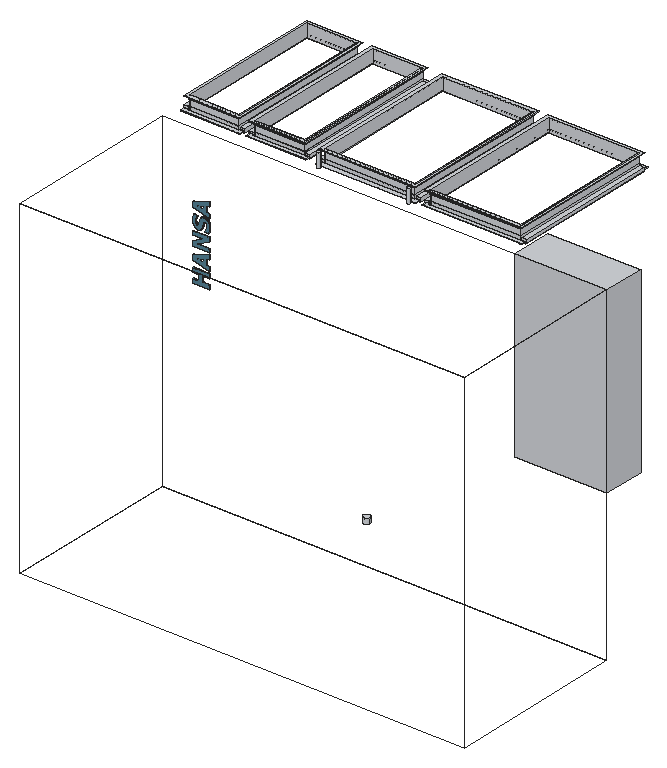
Revit family "KL-P-034-iK-G-L", category HLS-Bauteile, Revit 2020
Family settings
  Bemaßung runder Anschluss = Durchmesser verwenden
  Klassifizierung = Keine
  Teiletyp = Normal
  Arbeitsebenenbasiert = Nein
  Immer vertikal = Ja
  Beim Laden mit Abzugskörper schneiden = Nein
  Gemeinsam genutzt = Nein
  Raumberechnungspunkt = Nein
Parameters
  Zuluftbreite [instance] = 545 mm  # constant formula
  Vorgabe-Ansicht = 0 mm
  TyS [instance] = size_lookup("TyS_Hansa_KL_P", "", "ND", RLT_Serie, Gehaeuserichtung, Gehaeuseausfuehrung, RLT_MSR_KZ)  # "KL-P-034-iK-G-L-eCS"
  Schaltschrankbreite [instance] = 560 mm
  Schaltschrank_montiert [instance] = yes
  SSaG [instance] = and(or(Regelung SAIA, Regelung OJ), Schaltschrank_montiert)  # yes
  Regelung SAIA [instance] = yes
  Regelung OJ [instance] = no
  RLT_Volumenstrom_max = 3400 m³/h  # constant formula
  RLT_Volumenstrom_Unit_2 [instance] = 3400 m³/h
  RLT_Volumenstrom_Unit_1 [instance] = 3400 m³/h
  RLT_Typenschlüssel [instance] = TyS  # "KL-P-034-iK-G-L-eCS"
  RLT_Serie = "KL-P-034-iK"  # constant formula
  RLT_Material_außen [instance] = Stahlblech verzinkt + RAL 9002
  RLT_MSR_KZ [instance] = if(Regelung SAIA, "eCS", if(Regelung OJ, "eCO", "-"))  # "eCS"
  RLT_Länge [instance] = L  # 2130 mm
  RLT_Höhe = H  # 1890 mm
  RLT_Gewicht [instance] = size_lookup("TD_Hansa_KL_P", "Gewicht", 0 mm, TyS) / 1 mm * 1.00 kg  # 0.00 kg
  RLT_Breite = B  # 1080 mm
  Modell = "KL-P-034-iK-G-L"  # constant formula
  L2 = 1310 mm  # constant formula
  L1 = 820 mm  # constant formula
  L = L1 + L2  # 2130 mm
  Kanaltiefe [instance] = RLT_Breite - 190 mm  # 890 mm
  Hersteller = "Hansa"  # constant formula
  H = 1890 mm  # constant formula
  GeräteOK [instance] = H + Fuß  # 2010 mm
  Gehaeuserichtung [instance] = "L"  # constant formula
  Gehaeuseausfuehrung [instance] = "geteilt"  # constant formula
  GD_Spannung [instance] = 230 V
  GD_Phasen [instance] = 1
  GD_Nennstrom [instance] = 0 A
  GD_Anschlussleistung [instance] = 0 W
  Fuß [instance] = 120 mm  # constant formula
  Fortluftbreite = 300 mm  # constant formula
  Bedienzone [instance] = yes
  Baugruppe [instance] = "RLT-Gerät"  # constant formula
  BZl [instance] = if(and(or(Regelung SAIA, Regelung OJ), Schaltschrank_montiert), L + Schaltschrankbreite, L)  # 2690 mm
  B = 1080 mm  # constant formula
  Außenluftbreite = 300 mm  # constant formula
  Abluftbreite [instance] = 545 mm  # constant formula
Reference planes
  plane 1 "Mitte (Vorne/hinten)": y = 0
  plane 2: z = 0
  plane 3 "Mitte (Links/rechts)": x = 0
  plane 4: x = -1065
  plane 5: x = 1065
  plane 6 "GV": y = -540
  plane 7 "GH": y = 540
  plane 8 "OKG": z = 2010
  plane 9: y = 477.5
  plane 10: y = -312.5
  plane 11: x = -1002.5
  plane 12: x = 1002.5
  plane 13: x = -702.5
  plane 14: x = -607.5
  plane 15: x = -307.5
  plane 16: x = 457.5
  plane 17: x = 362.5
  plane 18: x = -182.5
  plane 19: z = 2090
  plane 20 "UKG": z = 120
  plane 21: y = -290
  plane 22: y = -330
  plane 23: z = 90
  plane 24: y = -464
  plane 25: x = -245
  plane 26: y = -1620
  plane 27: x = 1625
Forms (mm)
  Extrusion 1, solid, visible <- "SSaG"
    sketch origin (-61.559, 0, -70) x (1, 0, 0) y (0, 0, 1)
      loop
        line (1126.559, 2080) -> (1126.559, 980) -> (1686.559, 980) -> (1686.559, 2080) -> (1126.559, 2080)
    from 540 to 290
  Extrusion 2, solid
    sketch origin (0, 0, 0) x (1, 0, 0) y (0, 1, 0)
      loop
        circle (0, -330) r 20
    from 120 to 90
  Extrusion 3, solid
    sketch origin (0, 0, 0) x (1, 0, 0) y (0, 1, 0)
      loop
        circle (-182.5, -464) r 10
      loop
        circle (362.5, -464) r 10
    from 2090 to 2010
  Extrusion 4, solid, material "Glas - klar", visible <- "Bedienzone"
    sketch origin (0, 0, 0) x (1, 0, 0) y (0, 1, 0)
      loop
        line (-1065, -540) -> (-1065, -1620) -> (1625, -1620) -> (1625, -540) -> (-1065, -540)
    from 2010 to 0
Dimensions and locks
  equal spacing: plane 4, plane 3 "Mitte (Links/rechts)", plane 5
  "L": plane 4 to plane 5
  "B": plane 7 "GH" to plane 6 "GV"
  locked: plane 7 "GH" to plane 9 at 62.5
  locked: plane 4 to plane 11 at 62.5
  locked: plane 12 to plane 5 at 62.5
  "Fortluftbreite": plane 11 to plane 13
  locked: plane 13 to plane 14 at 95
  "Außenluftbreite": plane 14 to plane 15
  "Abluftbreite": plane 16 to plane 12
  locked: plane 17 to plane 16 at 95
  "Zuluftbreite": plane 18 to plane 17
  plane 15 to plane 18 = 125 mm
  locked: nested 3 to plane 16 at 95
  "Fuß": plane 20 "UKG" to level
  plane 19 to plane 8 "OKG" = 80 mm
  locked: plane 4 to nested 1 at 62.5
  locked: plane 13 to nested 2 at 95
  locked: nested 4 to plane 5 at 62.5
  Extrusion 1 to plane 5 = 560 mm
  "RLT_Höhe": plane 8 "OKG" to plane 20 "UKG"
  equal spacing: plane 7 "GH", plane 1 "Mitte (Vorne/hinten)", plane 6 "GV"
  locked: plane 6 "GV" to plane 21 at 250
  locked: plane 6 "GV" to plane 22 at 210
  plane 20 "UKG" to plane 23 = 30 mm
  locked: plane 24 to plane 6 "GV" at 76
  "L1": plane 4 to plane 25
  "B": plane 26 to plane 6 "GV"
  "BZl": Extrusion 4 to Extrusion 4
  "Schaltschrankbreite": plane 5 to plane 27
  aligned and locked: level to plane 2
  aligned and locked: Extrusion 1 to plane 8 "OKG"
  aligned and locked: plane 6 "GV" to Extrusion 1
  aligned and locked: Extrusion 1 to plane 21
  aligned and locked: plane 20 "UKG" to Extrusion 2
  aligned and locked: Extrusion 2 to plane 23
  aligned and locked: Extrusion 3 to plane 8 "OKG"
  aligned and locked: plane 19 to Extrusion 3
  aligned and locked: plane 4 to Extrusion 4
  aligned and locked: Extrusion 4 to plane 6 "GV"
  aligned and locked: Extrusion 4 to plane 26
  aligned and locked: plane 8 "OKG" to Extrusion 4
  aligned and locked: Extrusion 1 to plane 27
  aligned and locked: Extrusion 1 to plane 5
  aligned and locked: plane 7 "GH" to nested 6
  aligned and locked: plane 4 to nested 6
Automatic sketch dimensions
  plane 5 to Extrusion 1 sketch curve = 0 mm
  Extrusion 1 sketch curve to plane 8 "OKG" = 0 mm
  plane 5 to Extrusion 1 sketch curve = 560 mm
  plane 20 "UKG" to Extrusion 1 sketch curve = 790 mm
  Extrusion 2 sketch curve to plane 3 "Mitte (Links/rechts)" = 0 mm
  Extrusion 2 sketch curve to plane 22 = 0 mm
  Extrusion 3 sketch curve to plane 18 = 0 mm
  Extrusion 3 sketch curve to plane 17 = 0 mm
  Extrusion 3 sketch curve to plane 24 = 0 mm  (x2)
  Extrusion 4 sketch curve to plane 4 = 0 mm
  plane 5 to Extrusion 4 sketch curve = 560 mm
  Extrusion 4 sketch curve to plane 26 = 0 mm
  plane 6 "GV" to Extrusion 4 sketch curve = 0 mm
  radius of Extrusion 2 sketch curve = 20 mm
  radius of Extrusion 3 sketch curve = 10 mm  (x2)
Nested families
  nested 1: "Kanalstutzen" at (-852.5, 29.209, 2010) x (1, 0, 0) z (0, -1, 0), 2570_EST_Breite <- "Fortluftbreite", 2571_EST_Höhe <- "Kanaltiefe", built-in parameter 1001360 <- "GeräteOK", type "Kanalstutzen"
    with Tiefe 80 mm, RahmenG2 20 mm, RahmenG1 30 mm, Höhe 890 mm, Breite 300 mm, 2572_EST_Tiefe 80 mm, 2571_EST_Höhe 890 mm, 2570_EST_Breite 300 mm, 1966_EST_Rahmentyp ""
  nested 2: "Kanalstutzen" at (-457.5, 29.209, 2010) x (1, 0, 0) z (0, -1, 0), 2570_EST_Breite <- "Außenluftbreite", 2571_EST_Höhe <- "Kanaltiefe", built-in parameter 1001360 <- "GeräteOK", type "Kanalstutzen"
    with Tiefe 80 mm, RahmenG2 20 mm, RahmenG1 30 mm, Höhe 890 mm, Breite 300 mm, 2572_EST_Tiefe 80 mm, 2571_EST_Höhe 890 mm, 2570_EST_Breite 300 mm, 1966_EST_Rahmentyp ""
  nested 3: "Kanalstutzen" at (90, 29.209, 2010) x (1, 0, 0) z (0, -1, 0), 2570_EST_Breite <- "Zuluftbreite", 2571_EST_Höhe <- "Kanaltiefe", built-in parameter 1001360 <- "GeräteOK", type "Kanalstutzen"
    with Tiefe 80 mm, RahmenG2 20 mm, RahmenG1 30 mm, Höhe 890 mm, Breite 545 mm, 2572_EST_Tiefe 80 mm, 2571_EST_Höhe 890 mm, 2570_EST_Breite 545 mm, 1966_EST_Rahmentyp ""
  nested 4: "Kanalstutzen" at (730, 29.209, 2010) x (1, 0, 0) z (0, -1, 0), 2570_EST_Breite <- "Abluftbreite", 2571_EST_Höhe <- "Kanaltiefe", built-in parameter 1001360 <- "GeräteOK", type "Kanalstutzen"
    with Tiefe 80 mm, RahmenG2 20 mm, RahmenG1 30 mm, Höhe 890 mm, Breite 545 mm, 2572_EST_Tiefe 80 mm, 2571_EST_Höhe 890 mm, 2570_EST_Breite 545 mm, 1966_EST_Rahmentyp ""
  nested 5: "Hansa_Aufkleber_klein" at (-780, -540, 1390) x (0, 0, 1) z (0, -1, 0), type "Hansa_Aufkleber_klein"
  nested 6: "P-034-G-L_ipt" at (0, 0, 0), type "Norm"
Connectors
  hvac at (-852.5, 29.209, 2089), driven by "RLT_Volumenstrom_Unit_2", driven by "Fortluftbreite", driven by "Kanaltiefe"
    settings: on nested 1, index 1, duct flow 3400 m³/h, flow factor 0, pres drop 0.0 Pa, loss coef 0, conn angle 0.00°, conn width 300 mm, conn height 890 mm, conn diameter 609.6 mm, duct sys type 3, conn prof type 1, flow config 1, flow direction 2, loss method 0, conn ref index -1, conn util no, is conn primary yes, conn desc ""
  hvac at (-457.5, 29.209, 2089), driven by "RLT_Volumenstrom_Unit_1", driven by "Außenluftbreite", driven by "Kanaltiefe"
    settings: on nested 2, index 2, duct flow 3400 m³/h, flow factor 0, pres drop 0.0 Pa, loss coef 0, conn angle 0.00°, conn width 300 mm, conn height 890 mm, conn diameter 609.6 mm, duct sys type 1, conn prof type 1, flow config 1, flow direction 1, loss method 0, conn ref index -1, conn util no, is conn primary no, conn desc ""
  hvac at (90, 29.209, 2089), driven by "RLT_Volumenstrom_Unit_1", driven by "Zuluftbreite", driven by "Kanaltiefe"
    settings: on nested 3, index 3, duct flow 3400 m³/h, flow factor 0, pres drop 0.0 Pa, loss coef 0, conn angle 0.00°, conn width 545 mm, conn height 890 mm, conn diameter 609.6 mm, duct sys type 1, conn prof type 1, flow config 0, flow direction 2, loss method 0, conn ref index -1, conn util no, is conn primary no, conn desc ""
  hvac at (730, 29.209, 2089), driven by "RLT_Volumenstrom_Unit_2", driven by "Abluftbreite", driven by "Kanaltiefe"
    settings: on nested 4, index 4, duct flow 3400 m³/h, flow factor 0, pres drop 0.0 Pa, loss coef 0, conn angle 0.00°, conn width 545 mm, conn height 890 mm, conn diameter 609.6 mm, duct sys type 2, conn prof type 1, flow config 0, flow direction 1, loss method 0, conn ref index -1, conn util no, is conn primary no, conn desc ""
  piping at (0, -330, 90), diameter 40
    settings: on Extrusion 2, index 5, connector inside diameter 609.6 mm, connector length 0 mm, flow factor 0, pipe flow 0.0 L/s, pressure drop 0.0 Pa, fitting loss kfactor 0, connector angle 0.00°, fixture units 0, engagement length 0 mm, angle of deflection 0.00°, flow configuration 0, flow direction 2, fitting loss method 0, system type 16, joint type 0, gender type 0, connector reference index -1, connector utility 0, adjustable connector no, is connector primary yes, connector description ""
  piping at (-182.5, -464, 2090), diameter 20
    settings: on Extrusion 3, index 6, connector inside diameter 609.6 mm, connector length 0 mm, flow factor 0, pipe flow 0.0 L/s, pressure drop 0.0 Pa, fitting loss kfactor 0, connector angle 0.00°, fixture units 0, engagement length 0 mm, angle of deflection 0.00°, flow configuration 0, flow direction 1, fitting loss method 0, system type 7, joint type 0, gender type 0, connector reference index -1, connector utility 0, adjustable connector no, is connector primary no, connector description ""
  piping at (362.5, -464, 2090), diameter 20
    settings: on Extrusion 3, index 7, connector inside diameter 609.6 mm, connector length 0 mm, flow factor 0, pipe flow 0.0 L/s, pressure drop 0.0 Pa, fitting loss kfactor 0, connector angle 0.00°, fixture units 0, engagement length 0 mm, angle of deflection 0.00°, flow configuration 0, flow direction 2, fitting loss method 0, system type 19, joint type 0, gender type 0, connector reference index -1, connector utility 0, adjustable connector no, is connector primary no, connector description ""
Definition of nested family "Kanalstutzen"
  Parameters (values of type "Kanalstutzen")
    Default Elevation = 0 mm
    Tiefe [instance] = [2572_EST_Tiefe]  # 80 mm
    RahmenG2 [instance] = 20 mm
    RahmenG1 [instance] = 30 mm
    Höhe [instance] = [2571_EST_Höhe]  # 500 mm
    Manufacturer = "Hansa"
    Breite [instance] = [2570_EST_Breite]  # 1000 mm
    Description = "Durchbruchsverkleidung"
    2572_EST_Tiefe [instance] = 80 mm
    2571_EST_Höhe [instance] = 500 mm
    2570_EST_Breite [instance] = 1000 mm
    1966_EST_Rahmentyp [instance] = ""
  Reference planes
    plane 1 "Mitte (Vorne/hinten)": y = 0
    plane 2: z = 0
    plane 3 "Mitte (Links/rechts)": x = 0
    plane 4: x = -500
    plane 5: x = 500
    plane 6 "hinten": y = 80
    plane 7: z = 250
    plane 8: z = -250
    plane 9 "R1links": x = -530
    plane 10 "R1rechts": x = 530
    plane 11 "R2links": x = -520
    plane 12 "R2rechts": x = 520
    plane 13 "R1oben": z = 280
    plane 14 "R1unten": z = -280
    plane 15: z = -270
    plane 16: z = 270
  Forms (mm)
    Sweep 1, solid
      path origin (0, 0, 0) x (1, 0, 0) y (0, 0, 1)
        loop
          line (-500, 250) -> (-500, -250) -> (500, -250) -> (500, 250) -> (-500, 250)
      profile origin (0, 0, 250) x (0, 0, 1) y (0, -1, 0)
        loop
          line (0, -40) -> (0, -80) -> (20, -80) -> (20, -79) -> (1.999, -79) -> (1.999, -59) -> (0.962, -59) -> (0.962, -21.406) -> (1.999, -21.406) -> (1.999, -1.406) -> (30, -1.406) -> (30, 0) -> (0, 0) -> (0, -40)
  Dimensions and locks
    equal spacing: plane 4, plane 3 "Mitte (Links/rechts)", plane 5
    "Breite": plane 4 to plane 5
    equal spacing: plane 7, level, plane 8
    "Höhe": plane 7 to plane 8
    "RahmenG1": plane 9 "R1links" to plane 4
    "RahmenG1": plane 5 to plane 10 "R1rechts"
    "RahmenG2": plane 11 "R2links" to plane 4
    "RahmenG2": plane 5 to plane 12 "R2rechts"
    "RahmenG1": plane 13 "R1oben" to plane 7
    "RahmenG1": plane 8 to plane 14 "R1unten"
    "RahmenG2": plane 16 to plane 7
    "RahmenG2": plane 8 to plane 15
    Sweep 1 sketch curve to Sweep 1 sketch curve = 1.406 mm
    Sweep 1 sketch curve to Sweep 1 sketch curve = 1 mm
    Sweep 1 sketch curve to Sweep 1 sketch curve = 0.962 mm
    "2572_EST_Tiefe": plane 6 "hinten" to plane 1 "Mitte (Vorne/hinten)"
    aligned and locked: level to plane 2
    aligned and locked: plane 16 to Sweep 1 sketch curve
    aligned and locked: plane 13 "R1oben" to Sweep 1 sketch curve
    aligned and locked: plane 1 "Mitte (Vorne/hinten)" to Sweep 1
    aligned and locked: plane 1 "Mitte (Vorne/hinten)" to nested 1
    aligned and locked: nested 1 to plane 10 "R1rechts"
    aligned and locked: nested 2 to plane 9 "R1links"
    aligned and locked: plane 8 to nested 2
    aligned and locked: nested 1 to plane 8
  Automatic sketch dimensions
    plane 4 to Sweep 1 sketch curve = 0 mm
    plane 5 to Sweep 1 sketch curve = 0 mm
    Sweep 1 sketch curve to plane 8 = 0 mm
    Sweep 1 sketch curve to plane 7 = 0 mm
    Sweep 1 sketch curve to plane 1 "Mitte (Vorne/hinten)" = 0 mm
    profile plane to Sweep 1 sketch curve = 0 mm
    Sweep 1 sketch curve to profile plane = 1.999 mm  (x2)
    Sweep 1 sketch curve to Sweep 1 sketch curve = 20 mm  (x2)
    Sweep 1 sketch curve to Sweep 1 sketch curve = 18.594 mm
    Sweep 1 sketch curve to Sweep 1 sketch curve = 19 mm
  Nested families
    nested 1: "EGJK30" at (520, 0, -250), L <- "Höhe", type "EGJK30"
      with L 500 mm
    nested 2: "EGJK30" at (-520, 0, -250) x (-1, 0, 0) z (0, 0, 1), L <- "Höhe", type "EGJK30"
      with L 500 mm
  Definition of nested family "EGJK30"
    Parameters (values of type "EGJK30")
      Default Elevation = 0 mm
      L [instance] = 1000 mm
    Reference planes
      plane 1 "Mitte (Vorne/hinten)": y = 0
      plane 2: z = 0
      plane 3 "Mitte (Links/rechts)": x = 0
    Forms (mm)
      Extrusion 1, solid
        sketch origin (16.67, -35.46, 0) x (1, 0, 0) y (0, 1, 0)
          loop
            line (-26.67, 25.46) -> (-6.67, 25.46) -> (-6.67, 30.46) -> (-1.67, 30.46) -> (-1.67, 50.46) -> (-34.67, 50.46) -> (-34.67, 38.46) -> (-5.67, 38.46) -> (-5.67, 35.46) -> (-25.67, 35.46) -> (-25.67, 36.96) -> (-34.67, 36.96) -> (-34.67, 33.96) -> (-26.67, 25.46)
        from 0 to 1000
    Dimensions and locks
      "L": Extrusion 1 to Extrusion 1
      aligned and locked: level to plane 2
    Automatic sketch dimensions
      plane 1 "Mitte (Vorne/hinten)" to Extrusion 1 sketch curve = 0 mm
      Extrusion 1 sketch curve to plane 3 "Mitte (Links/rechts)" = 18 mm
      plane 1 "Mitte (Vorne/hinten)" to Extrusion 1 sketch curve = 1.5 mm
      Extrusion 1 sketch curve to Extrusion 1 sketch curve = 0 mm
      Extrusion 1 sketch curve to plane 3 "Mitte (Links/rechts)" = 10 mm
      Extrusion 1 sketch curve to plane 3 "Mitte (Links/rechts)" = 9 mm
      plane 1 "Mitte (Vorne/hinten)" to Extrusion 1 sketch curve = 5 mm
      plane 3 "Mitte (Links/rechts)" to Extrusion 1 sketch curve = 10 mm
      Extrusion 1 sketch curve to Extrusion 1 sketch curve = 1 mm
      Extrusion 1 sketch curve to Extrusion 1 sketch curve = 5 mm
      plane 1 "Mitte (Vorne/hinten)" to Extrusion 1 sketch curve = 10 mm
      Extrusion 1 sketch curve to plane 1 "Mitte (Vorne/hinten)" = 1.5 mm
      Extrusion 1 sketch curve to Extrusion 1 sketch curve = 1.5 mm
      Extrusion 1 sketch curve to Extrusion 1 sketch curve = 12 mm
Definition of nested family "Hansa_Aufkleber_klein"
  Parameters (values of type "Hansa_Aufkleber_klein")
    Default Elevation = 1219.2 mm
  Reference planes
    plane 1 "Mitte (Vorne/hinten)": y = 0
    plane 2: z = 0
    plane 3 "Mitte (Links/rechts)": x = 0
  Forms (mm)
    Extrusion 1, solid, detail levels medium+fine
      sketch origin (6.994, -10.767, 0) x (1, 0, 0) y (0, 1, 0)
        loop
          line (-226.694, 10.767) -> (-201.573, 10.767) -> (-201.573, 55.095) -> (-167.456, 55.095) -> (-167.456, 10.767) -> (-142.335, 10.767) -> (-142.335, 110.767) -> (-167.456, 110.767) -> (-167.456, 74.138) -> (-201.573, 74.138) -> (-201.573, 110.767) -> (-226.694, 110.767) -> (-226.694, 10.767)
        loop
          line (202.074, 82.404) -> (191.782, 49.341) -> (212.284, 49.341) -> (202.074, 82.404)
        loop
          line (188.703, 110.767) -> (154.91, 10.767) -> (180.032, 10.767) -> (186.353, 31.189) -> (217.795, 31.189) -> (224.035, 10.767) -> (249.886, 10.767) -> (216.093, 110.767) -> (188.703, 110.767)
        loop
          line (34.084, 10.767) -> (58.233, 10.767) -> (58.233, 110.767) -> (35.299, 110.767) -> (35.299, 53.474) -> (3.37, 110.767) -> (-27.424, 110.767) -> (-27.424, 10.767) -> (-4.49, 10.767) -> (-4.49, 80.459) -> (34.084, 10.767)
        loop
          line (-85.203, 82.404) -> (-95.495, 49.341) -> (-74.993, 49.341) -> (-85.203, 82.404)
        loop
          line (-98.575, 110.767) -> (-132.367, 10.767) -> (-107.245, 10.767) -> (-100.925, 31.189) -> (-69.482, 31.189) -> (-63.242, 10.767) -> (-37.391, 10.767) -> (-71.184, 110.767) -> (-98.575, 110.767)
        loop
          line (73.143, 16.683) -> (80.903, 13.695) -> (89.27, 11.213) -> (93.783, 10.238) -> (98.65, 9.542) -> (103.872, 9.124) -> (109.448, 8.984) -> (114.303, 9.126) -> (118.902, 9.552) -> (123.243, 10.261) -> (127.327, 11.253) -> (131.154, 12.53) -> (134.724, 14.09) -> (138.037, 15.933) -> (141.093, 18.061) -> (143.838, 20.421) -> (146.216, 22.963) -> (148.229, 25.688) -> (149.876, 28.595) -> (151.156, 31.685) -> (152.071, 34.957) -> (152.62, 38.411) -> (152.803, 42.048) -> (152.724, 44.578) -> (152.487, 46.981) -> (152.091, 49.257) -> (151.537, 51.407) -> (150.825, 53.431) -> (149.954, 55.328) -> (148.925, 57.098) -> (147.738, 58.741) -> (144.874, 61.745) -> (141.346, 64.434) -> (137.155, 66.81) -> (132.301, 68.871) -> (127.124, 70.542) -> (122.293, 71.829) -> (112.609, 74.057) -> (109.035, 74.977) -> (106.095, 75.952) -> (103.788, 76.982) -> (102.114, 78.069) -> (100.927, 79.287) -> (100.078, 80.713) -> (99.569, 82.346) -> (99.4, 84.187) -> (99.506, 85.453) -> (99.825, 86.659) -> (100.357, 87.803) -> (101.101, 88.887) -> (102.965, 90.731) -> (105.153, 92.048) -> (107.99, 93.142) -> (110.664, 93.83) -> (113.439, 94.195) -> (116.579, 94.317) -> (120.768, 94.112) -> (124.906, 93.496) -> (128.993, 92.471) -> (133.03, 91.035) -> (136.889, 89.3) -> (140.445, 87.378) -> (143.697, 85.268) -> (146.644, 82.971) -> (148.832, 82.971) -> (148.832, 105.824) -> (145.231, 107.285) -> (141.397, 108.589) -> (137.33, 109.737) -> (133.03, 110.727) -> (128.608, 111.524) -> (124.177, 112.094) -> (119.735, 112.436) -> (115.283, 112.55) -> (110.919, 112.414) -> (106.741, 112.006) -> (102.749, 111.325) -> (98.944, 110.372) -> (95.324, 109.147) -> (91.891, 107.65) -> (88.644, 105.88) -> (85.583, 103.839) -> (82.8, 101.578) -> (80.389, 99.151) -> (78.348, 96.559) -> (76.679, 93.8) -> (75.38, 90.876) -> (74.453, 87.786) -> (73.896, 84.53) -> (73.711, 81.108) -> (74.025, 76.136) -> (74.967, 71.596) -> (76.537, 67.486) -> (78.735, 63.806) -> (80.094, 62.119) -> (81.657, 60.522) -> (83.426, 59.014) -> (85.4, 57.597) -> (87.58, 56.269) -> (89.964, 55.031) -> (92.553, 53.884) -> (95.348, 52.826) -> (100.625, 51.195) -> (106.247, 49.868) -> (111.869, 48.642) -> (117.147, 47.315) -> (119.104, 46.707) -> (120.925, 45.937) -> (122.609, 45.006) -> (124.156, 43.912) -> (125.451, 42.645) -> (126.375, 41.197) -> (126.929, 39.566) -> (127.114, 37.753) -> (127, 36.17) -> (126.658, 34.744) -> (126.089, 33.475) -> (125.291, 32.364) -> (123.275, 30.53) -> (120.874, 29.163) -> (118.413, 28.312) -> (115.242, 27.704) -> (112.052, 27.339) -> (109.529, 27.218) -> (105.242, 27.433) -> (100.889, 28.079) -> (96.47, 29.155) -> (91.985, 30.662) -> (87.561, 32.569) -> (83.324, 34.845) -> (79.274, 37.492) -> (75.413, 40.508) -> (73.143, 40.508) -> (73.143, 16.683)
      from 0 to 2
  Dimensions and locks
    aligned and locked: level to plane 2
Definition of nested family "P-034-G-L_ipt"
  Parameters (values of type "Norm")
    Default Elevation = 0 mm
  Reference planes
    plane 1 "Mitte (Vorne/Hinten)": y = 0
    plane 2: z = 0
    plane 3 "Mitte (Links/Rechts)": x = 0
  Dimensions and locks
    aligned and locked: level to plane 2
